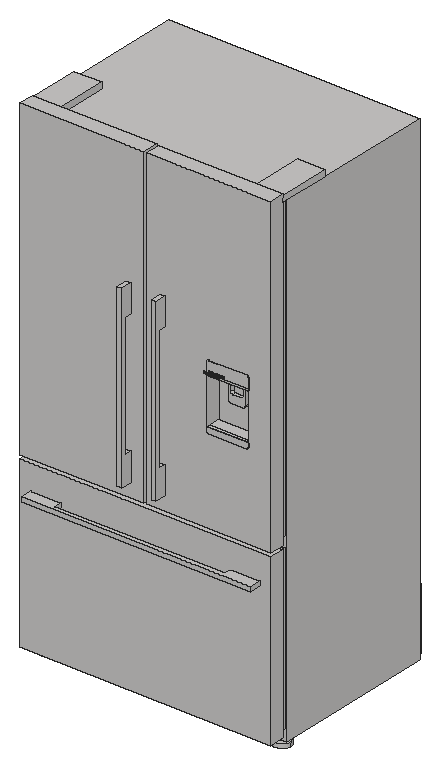
Revit family "FisherPaykel Fridge RF610ADUSX4", category Generic Models, Revit 2013 (continued)
Automatic sketch dimensions
  Extrusion 17 sketch curve to Extrusion 17 sketch curve = 4.211 mm
  Extrusion 17 sketch curve to Extrusion 17 sketch curve = 0.786 mm  (x2)
  Extrusion 17 sketch curve to Extrusion 17 sketch curve = 1.181 mm
  Extrusion 17 sketch curve to Extrusion 17 sketch curve = 1.196 mm
  Extrusion 17 sketch curve to Extrusion 17 sketch curve = 0.515 mm  (x2)
  Extrusion 17 sketch curve to Extrusion 17 sketch curve = 0.884 mm
  Extrusion 17 sketch curve to Extrusion 17 sketch curve = 2.128 mm
  Extrusion 17 sketch curve to Extrusion 17 sketch curve = 2.201 mm
  Extrusion 17 sketch curve to Extrusion 17 sketch curve = 0.497 mm
  Extrusion 17 sketch curve to Extrusion 17 sketch curve = 0.561 mm  (x2)
  Extrusion 17 sketch curve to Extrusion 17 sketch curve = 0.331 mm
  Extrusion 17 sketch curve to Extrusion 17 sketch curve = 0.290 mm
  Extrusion 17 sketch curve to Extrusion 17 sketch curve = 0.335 mm
  Extrusion 17 sketch curve to Extrusion 17 sketch curve = 0.594 mm
  Extrusion 17 sketch curve to Extrusion 17 sketch curve = 0.197 mm
  Extrusion 17 sketch curve to Extrusion 17 sketch curve = 0.800 mm
  Extrusion 17 sketch curve to Extrusion 17 sketch curve = 1.005 mm
  Extrusion 17 sketch curve to Extrusion 17 sketch curve = 0.699 mm
  Extrusion 17 sketch curve to Extrusion 17 sketch curve = 1.455 mm
  Extrusion 17 sketch curve to Extrusion 17 sketch curve = 0.836 mm
  Extrusion 17 sketch curve to Extrusion 17 sketch curve = 2.224 mm
  Extrusion 17 sketch curve to Extrusion 17 sketch curve = 1.791 mm  (x2)
  Extrusion 17 sketch curve to Extrusion 17 sketch curve = 0.986 mm
  Extrusion 17 sketch curve to Extrusion 17 sketch curve = 1.751 mm
  Extrusion 17 sketch curve to Extrusion 17 sketch curve = 0.023 mm  (x2)
  Extrusion 17 sketch curve to Extrusion 17 sketch curve = 0.481 mm
  Extrusion 17 sketch curve to Extrusion 17 sketch curve = 0.610 mm
  Extrusion 17 sketch curve to Extrusion 17 sketch curve = 0.054 mm  (x2)
  Extrusion 17 sketch curve to Extrusion 17 sketch curve = 0.417 mm
  Extrusion 17 sketch curve to Extrusion 17 sketch curve = 0.672 mm
  Extrusion 17 sketch curve to Extrusion 17 sketch curve = 3.509 mm
  Extrusion 17 sketch curve to Extrusion 17 sketch curve = 0.056 mm
  Extrusion 17 sketch curve to Extrusion 17 sketch curve = 0.543 mm
  Extrusion 17 sketch curve to Extrusion 17 sketch curve = 0.155 mm
  Extrusion 17 sketch curve to Extrusion 17 sketch curve = 0.367 mm
  Extrusion 17 sketch curve to Extrusion 17 sketch curve = 0.569 mm  (x2)
  Extrusion 17 sketch curve to Extrusion 17 sketch curve = 0.221 mm
  Extrusion 17 sketch curve to Extrusion 17 sketch curve = 0.210 mm
  Extrusion 17 sketch curve to Extrusion 17 sketch curve = 1.289 mm
  Extrusion 17 sketch curve to Extrusion 17 sketch curve = 0.771 mm
  Extrusion 17 sketch curve to Extrusion 17 sketch curve = 0.641 mm
  Extrusion 17 sketch curve to Extrusion 17 sketch curve = 2.837 mm
  Extrusion 17 sketch curve to Extrusion 17 sketch curve = 0.171 mm  (x2)
  Extrusion 17 sketch curve to Extrusion 17 sketch curve = 2.723 mm
  Extrusion 17 sketch curve to Extrusion 17 sketch curve = 0.234 mm  (x2)
  Extrusion 17 sketch curve to Extrusion 17 sketch curve = 0.875 mm
  Extrusion 17 sketch curve to Extrusion 17 sketch curve = 0.381 mm
  Extrusion 17 sketch curve to Extrusion 17 sketch curve = 0.701 mm
  Extrusion 17 sketch curve to Extrusion 17 sketch curve = 0.586 mm
  Extrusion 17 sketch curve to Extrusion 17 sketch curve = 0.371 mm
  Extrusion 17 sketch curve to Extrusion 17 sketch curve = 0.554 mm
  Extrusion 17 sketch curve to Extrusion 17 sketch curve = 1.213 mm
  Extrusion 17 sketch curve to Extrusion 17 sketch curve = 0.681 mm
  Extrusion 17 sketch curve to Extrusion 17 sketch curve = 1.662 mm
  Extrusion 17 sketch curve to Extrusion 17 sketch curve = 1.726 mm
  Extrusion 17 sketch curve to Extrusion 17 sketch curve = 0.628 mm
  Extrusion 17 sketch curve to Extrusion 17 sketch curve = 0.718 mm
  Extrusion 17 sketch curve to Extrusion 17 sketch curve = 0.133 mm
  Extrusion 17 sketch curve to Extrusion 17 sketch curve = 0.147 mm
  Extrusion 17 sketch curve to Extrusion 17 sketch curve = 0.294 mm
  Extrusion 17 sketch curve to Extrusion 17 sketch curve = 0.458 mm
  Extrusion 17 sketch curve to Extrusion 17 sketch curve = 0.889 mm
  Extrusion 17 sketch curve to Extrusion 17 sketch curve = 1.461 mm
  Extrusion 17 sketch curve to Extrusion 17 sketch curve = 1.301 mm
  Extrusion 17 sketch curve to Extrusion 17 sketch curve = 1.896 mm
  Extrusion 17 sketch curve to Extrusion 17 sketch curve = 1.606 mm
  Extrusion 17 sketch curve to Extrusion 17 sketch curve = 1.758 mm
  plane 7 to Extrusion 2 sketch curve = 0.000 mm
  Extrusion 3 sketch curve to plane 32 = 0.000 mm
  Extrusion 3 sketch curve to plane 6 = 0.000 mm
  plane 12 to Extrusion 3 sketch curve = 14.000 mm
  Extrusion 4 sketch curve to plane 22 = 0.000 mm
  plane 52 to Extrusion 4 sketch curve = 25.000 mm
  Extrusion 5 sketch curve to plane 22 = 22.300 mm
  plane 40 to Extrusion 5 sketch curve = 12.800 mm
  Extrusion 5 sketch curve to plane 41 = 14.417 mm
  Extrusion 6 sketch curve to plane 10 = 0.000 mm
  Extrusion 6 sketch curve to plane 24 = 62.044 mm
  Extrusion 6 sketch curve to plane 48 = 91.456 mm
  Extrusion 6 sketch curve to plane 48 = 40.544 mm
  Extrusion 7 sketch curve to plane 10 = 0.000 mm  (x2)
  Extrusion 7 sketch curve to plane 24 = 62.044 mm
  Extrusion 7 sketch curve to Extrusion 7 sketch curve = 50.912 mm
  Extrusion 7 sketch curve to plane 48 = 91.456 mm
  Extrusion 7 sketch curve to plane 48 = 40.544 mm
  plane 29 to Extrusion 8 sketch curve = 3.500 mm
  plane 33 to Extrusion 8 sketch curve = 5.500 mm
  plane 29 to Extrusion 8 sketch curve = 11.500 mm  (x2)
  Extrusion 8 sketch curve to plane 47 = 4.500 mm  (x2)
  Extrusion 9 sketch curve to plane 12 = 0.000 mm
  Extrusion 9 sketch curve to plane 32 = 0.000 mm
  Extrusion 9 sketch curve to plane 6 = 0.000 mm  (x2)
  plane 12 to Extrusion 9 sketch curve = 14.000 mm
  plane 12 to Extrusion 10 sketch curve = 0.000 mm
  Extrusion 10 sketch curve to plane 52 = 0.000 mm
  Extrusion 10 sketch curve to plane 51 = 0.000 mm
  plane 6 to Extrusion 10 sketch curve = 0.000 mm  (x2)
  Extrusion 10 sketch curve to plane 50 = 20.000 mm
  plane 12 to Extrusion 10 sketch curve = 14.000 mm
  plane 21 to Extrusion 10 sketch curve = 20.000 mm
  plane 45 to Extrusion 11 sketch curve = 7.405 mm
  plane 19 to Extrusion 12 sketch curve = 6.180 mm
  Extrusion 12 sketch curve to plane 19 = 23.820 mm
  plane 21 to Extrusion 14 sketch curve = 10.000 mm
  plane 49 to Extrusion 14 sketch curve = 6.500 mm
  Extrusion 14 sketch curve to plane 24 = 18.600 mm  (x2)
  plane 21 to Extrusion 15 sketch curve = 10.100 mm
  plane 49 to Extrusion 15 sketch curve = 6.400 mm
  Extrusion 15 sketch curve to plane 24 = 18.600 mm  (x2)
  Extrusion 16 sketch curve to plane 9 = 0.000 mm
  Extrusion 16 sketch curve to plane 16 = 0.000 mm
  Extrusion 16 sketch curve to plane 44 = 0.000 mm
  plane 45 to Extrusion 16 sketch curve = 7.405 mm
  plane 30 to Extrusion 18 sketch curve = 4.100 mm  (x2)
  plane 52 to Extrusion 18 sketch curve = 40.250 mm
  plane 31 to Extrusion 18 sketch curve = 64.100 mm
  Extrusion 18 sketch curve to Extrusion 18 sketch curve = 6.500 mm  (x2)
  Extrusion 18 sketch curve to Extrusion 18 sketch curve = 8.000 mm
  Extrusion 18 sketch curve to Extrusion 18 sketch curve = 7.500 mm  (x2)
  Extrusion 18 sketch curve to plane 52 = 5.750 mm
  Extrusion 18 sketch curve to plane 52 = 11.750 mm
  Extrusion 18 sketch curve to Extrusion 18 sketch curve = 21.000 mm
  plane 30 to Extrusion 19 sketch curve = 4.100 mm
  plane 52 to Extrusion 19 sketch curve = 17.750 mm
  Extrusion 19 sketch curve to plane 30 = 3.900 mm
  plane 52 to Extrusion 19 sketch curve = 2.750 mm
  plane 30 to Extrusion 8 sketch curve = 44.600 mm
  Extrusion 8 sketch curve to plane 47 = 12.500 mm
  plane 29 to Extrusion 20 sketch curve = 3.500 mm
  Extrusion 20 sketch curve to plane 31 = 13.000 mm
  plane 30 to Extrusion 20 sketch curve = 4.100 mm
  Extrusion 20 sketch curve to plane 47 = 12.500 mm
  plane 29 to Extrusion 21 sketch curve = 4.000 mm
  Extrusion 21 sketch curve to plane 47 = 12.000 mm
  plane 30 to Extrusion 21 sketch curve = 4.100 mm
  Extrusion 21 sketch curve to Extrusion 21 sketch curve = 5.500 mm
  plane 40 to Extrusion 2 sketch curve = 8.050 mm
  Extrusion 3 sketch curve to plane 42 = 100.300 mm
  Extrusion 9 sketch curve to plane 42 = 100.300 mm
  plane 5 to Extrusion 12 sketch curve = 0.000 mm
  plane 10 to Extrusion 7 sketch curve = 1.500 mm  (x2)
  plane 10 to Extrusion 6 sketch curve = 1.500 mm  (x2)
  Extrusion 6 sketch curve to Extrusion 6 sketch curve = 25.456 mm
  Extrusion 5 sketch curve to plane 16 = 6.600 mm
  Extrusion 2 sketch curve to plane 11 = 0.000 mm
  Extrusion 2 sketch curve to plane 40 = 5.000 mm  (x2)
  radius of Extrusion 4 sketch curve = 5.000 mm
  radius of Extrusion 14 sketch curve = 30.000 mm  (x2)
  radius of Extrusion 15 sketch curve = 5.000 mm  (x2)
